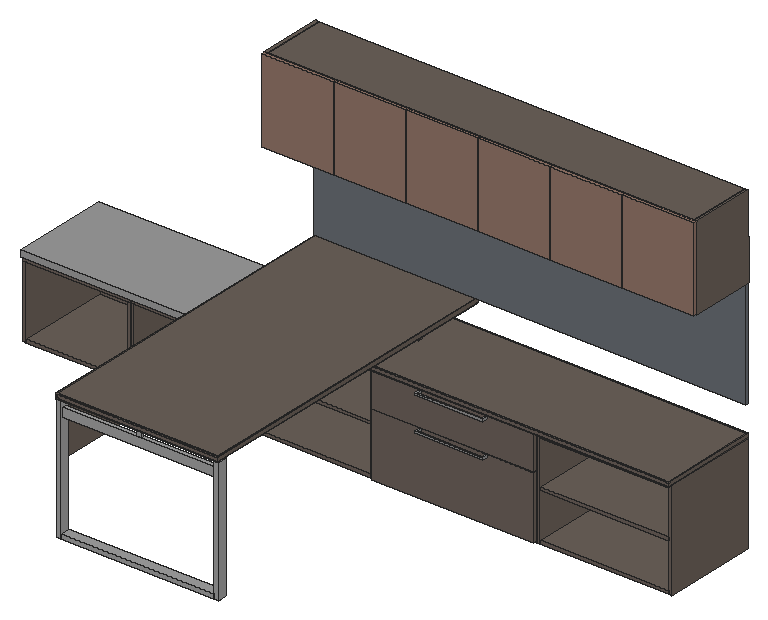
Revit family "T100312", category Furniture, Revit 2015
Parameters (values of type "T100312")
  URL = "https://ofs.com/"
  Manufacturer = "OFS"
  Description = "OFS TYPICAL T100312"
  Copyright © = "©OFS 2021"
  Catalog = "https://ofs.com/2020-experience"
  Authoring Version = "Autodesk Revit Architecture 2015"
  Assembly Code = "E2020400"
Reference planes (in)
  plane 1 "Center Front/Back": y = 0
  plane 2: z = 0
  plane 3 "Center Left/Right": x = 0
Dimensions and locks (in)
  aligned and locked: level to plane 2
Nested families (in)
  nested 1: "OFS ELEMENT OPEN L DESK LEFT AND RIGHT 84in Width 60in Return" at (102, 18.84375, 84), type "ELEMENT OPEN L DESK LEFT RETURN 84in Width 60in Return"
    with Right Desk Ovelay no, Left Desk Overlay no, Desk Overlay Option yes
  nested 2: "STAKS TACKBOARD ONE-PIECE Fabric" at (-37.2202, -153.71975, 0.25), type "STAKS ONE-PIECE TACKBOARD Fabric 96in"
  nested 3: "STAKS MODESTY PANEL - Veneer & Wood Grain & Frosted" at (-83.53235, -196.84501, 0.375) x (0, 1, 0) z (0, 0, 1), type "STAKS MODESTY PANEL WOOD VENEER 47.9375-30"
  nested 4: "STAKS RISER SUPPORT PANELS P & T SHAPED" at (-55.78305, -175.71976, 0.5) x (0, -1, 0) z (0, 0, 1), type "STAKS RISER SUPPORT PANEL T SHAPE 26 X 9.5"
  nested 5: "STAKS LOW HEIGHT PEDESTAL WIDE - BOX-FILE - NO RISER SUPPORT" at (-58.19732, -173.47011, 0), type "STAKS LOW HEIGHT PEDESTAL WIDE - BOX-FILE - NO RISER SUPPORT 36in W x 22in D"
  nested 6: "STAKS LOW HEIGHT OPEN SHELF PEDESTAL - NO RISER SUPPORT" at (-25.19732, -173.47011, 0), type "STAKS LOW HEIGHT OPEN SHELF PEDESTAL - NO RISER SUPPORT 30 x 22"
  nested 7: "STAKS LOW HEIGHT OPEN SHELF PEDESTAL - NO RISER SUPPORT" at (-91.19732, -173.47011, 0), type "STAKS LOW HEIGHT OPEN SHELF PEDESTAL - NO RISER SUPPORT 30 x 22"
  nested 8: "STAKS SINGLE BENCH HEIGHT PEDESTAL - NO RISER SUPPORT" at (-118.19732, -173.47011, 0), type "STAKS SINGLE BENCH HEIGHT PEDESTAL - NO RISER SUPPORT 24"
  nested 9: "STAKS SINGLE BENCH HEIGHT PEDESTAL - NO RISER SUPPORT" at (-142.19732, -173.47011, 0), type "STAKS SINGLE BENCH HEIGHT PEDESTAL - NO RISER SUPPORT 24"
  nested 10: "STAKS RECTANGULAR WORKSURFACES Long Grain" at (-92.71268, -151.63611, -5.875), type "STAKS RECTANGULAR WORKSURFACE 96 x 22"
    with Height Above Floor 29"
  nested 11: "STAKS BENCHING RECTANGULAR WORKSURFACES" at (-86.99136, -233.02474, 0) x (0, 1, 0) z (0, 0, 1), type "STAKS BENCHING RECTANGULAR WORKSURFACE 72 X 36"
  nested 12: "STAKS WALLMOUNT ORGANIZER WITH DOORS Six Doors" at (-64.21268, -152.38611, 0), type "STAKS WALLMOUNT ORGANIZER WITH DOORS Six Doors 96in W"
    with Height Above Floor 71 1/2", 2D Symbol Lines yes
  nested 13: "STAKS LOW OR BENCH HEIGHT CUSHIONS" at (-130.13482, -173.47011, -3.25), type "STAKS LOW OR BENCH HEIGHT CUSHION - DOUBLE 48"
  nested 14: "STAKS SUPPORT O LEG" at (-69.78235, -207.84476, 0) x (0, 1, 0) z (0, 0, 1), type "STAKS SUPPORT O LEG 36"
Definition of nested family "STAKS TACKBOARD ONE-PIECE Fabric"
  Parameters (values of type "STAKS ONE-PIECE TACKBOARD Fabric 30in")
    Width = 30"
    URL = "http://www.ofs.com/"
    Height from Floor = 28 5/8"
    Height = 24 1/4"
    Model = "FT2205"
    Manufacturer = "OFS"
    Description = "OFS STAKS ONE-PIECE TACKBOARD Fabric 30\", Use with 30\"W Wallmount Organizers"
    Depth = 1/2"
    Copyright © = "© 2018 OFS"
    Catalog = "https://ofs.com/products/casegoods/private-office/staks"
    Authoring Version = "Autodesk Revit Architecture 2013"
    Assembly Code = "E2020200"
    Surface Material = none
  Types (14): name | Width | Model | Description
    (no name) | 30" | "FT2205" | "OFS STAKS ONE-PIECE TACKBOARD Fabric 30\", Use with 30\"W Wallmount Organizers"
    STAKS ONE-PIECE TACKBOARD Fabric 30in | 30" | "FT2205" | "OFS STAKS ONE-PIECE TACKBOARD Fabric 30\", Use with 30\"W Wallmount Organizers"
    STAKS ONE-PIECE TACKBOARD Fabric 36in | 36" | "FT2204" | "OFS STAKS ONE-PIECE TACKBOARD Fabric 36\", Use with 36\"W Wallmount Organizers"
    STAKS ONE-PIECE TACKBOARD Fabric 42in | 42" | "FT2203" | "OFS STAKS ONE-PIECE TACKBOARD Fabric 42\", Use with 42\"W Wallmount Organizers"
    STAKS ONE-PIECE TACKBOARD Fabric 48in | 48" | "FT2202" | "OFS STAKS ONE-PIECE TACKBOARD Fabric 48\", Use with 48\"W Wallmount Organizers"
    STAKS ONE-PIECE TACKBOARD Fabric 54in | 54" | "FT2201" | "OFS STAKS ONE-PIECE TACKBOARD Fabric 54\", Use with 54\"W Wallmount Organizers"
    STAKS ONE-PIECE TACKBOARD Fabric 60in | 60" | "FT2200" | "OFS STAKS ONE-PIECE TACKBOARD Fabric 60\", Use with 60\"W Wallmount Organizers"
    STAKS ONE-PIECE TACKBOARD Fabric 66in | 66" | "FT2199" | "OFS STAKS ONE-PIECE TACKBOARD Fabric 66\", Use with 66\"W Wallmount Organizers"
    STAKS ONE-PIECE TACKBOARD Fabric 72in | 72" | "FT2198" | "OFS STAKS ONE-PIECE TACKBOARD Fabric 72\", Use with 72\"W Wallmount Organizers"
    STAKS ONE-PIECE TACKBOARD Fabric 78in | 78" | "FT2197" | "OFS STAKS ONE-PIECE TACKBOARD Fabric 78\", Use with 78\"W Wallmount Organizers"
    STAKS ONE-PIECE TACKBOARD Fabric 84in | 84" | "FT2196" | "OFS STAKS ONE-PIECE TACKBOARD Fabric 84\", Use with 84\"W Wallmount Organizers"
    STAKS ONE-PIECE TACKBOARD Fabric 90in | 90" | "FT2195" | "OFS STAKS ONE-PIECE TACKBOARD Fabric 90\", Use with 90\"W Wallmount Organizers"
    STAKS ONE-PIECE TACKBOARD Fabric 94in | 94" | "FT2194" | "OFS STAKS ONE-PIECE TACKBOARD Fabric 94\", Use with 94\"W Wallmount Organizers"
    STAKS ONE-PIECE TACKBOARD Fabric 96in | 96" | "FT2193" | "OFS STAKS ONE-PIECE TACKBOARD Fabric 96\", Use with 96\"W Wallmount Organizers"
  Reference planes (in)
    plane 1 "Center (Front/Back)": y = 0
    plane 2: z = 0
    plane 3 "Center (Left/Right)": x = 0
    plane 4: x = 15
    plane 5: x = -15
    plane 6: y = 0.25
    plane 7: y = -0.25
    plane 8: z = 28.625
    plane 9: z = 52.875
  Forms (in)
    Extrusion 1, solid, material <- "Surface Material"
      sketch origin (3.56329, 81.33771, 7) x (-1, 0, 0) y (0, -1, 0)
        loop
          line (18.56329, 81.08771) -> (18.56329, 81.58771) -> (-11.43671, 81.58771) -> (-11.43671, 81.08771) -> (18.56329, 81.08771)
      from 45.875 to 21.625
  Lines and regions (in)
    model lines
      curve 1: line (-15, 0.25, 0) -> (15, 0.25, 0)
      curve 2: line (-15, -0.25, 0) -> (-15, 0.25, 0)
      curve 3: line (15, -0.25, 0) -> (-15, -0.25, 0)
      curve 4: line (15, 0.25, 0) -> (15, -0.25, 0)
  Dimensions and locks (in)
    equal spacing: plane 5, plane 3 "Center (Left/Right)", plane 4
    "Width": plane 5 to plane 4
    "Depth": plane 6 to plane 7
    equal spacing: plane 7, plane 1 "Center (Front/Back)", plane 6
    "Height": plane 9 to plane 8
    "Height from Floor": plane 8 to level
    aligned and locked: level to plane 2
    aligned and locked: plane 5 to Extrusion 1 sketch curve
    aligned and locked: Extrusion 1 sketch curve to plane 7
    aligned and locked: Extrusion 1 sketch curve to plane 6
    aligned and locked: Extrusion 1 sketch curve to plane 4
    aligned and locked: plane 9 to Extrusion 1
    aligned and locked: Extrusion 1 to plane 8
  Automatic sketch dimensions
    curve 3 to plane 5 = 0"
    curve 3 to plane 4 = 0"
    curve 3 to plane 7 = 0"
    curve 2 to plane 6 = 0"
Definition of nested family "STAKS MODESTY PANEL - Veneer & Wood Grain & Frosted"
  Parameters (values of type "STAKS MODESTY PANEL FROSTED ACRYLIC 29.938-12")
    URL = "http://www.ofs.com"
    Thickness = 1/4"
    Width = 29 15/16"
    Model = "6-AMPA"
    Manufacturer = "OFS"
    WDVNR/PNT = no
    WDGRN/TFL = no
    FROSTED = yes
    Description = "OFS STAKS MODESTY PANEL FROSTED ACRYLIC 29.9375-12 X .75, For Desks or Worksurface Height Tops"
    Copyright © = "©OFS 2018"
    Catalog = "https://ofs.com/products/casegoods/private-office/staks"
    BRKT L/R = no
    BRKT CNTR = no
    Authoring Version = "Autodesk Revit Architecture 2013"
    Assembly Code = "E2020200"
  Types (12): name | Thickness | Width | Model | WDVNR/PNT | WDGRN/TFL | FROSTED | Description | BRKT L/R | BRKT CNTR
    STAKS MODESTY PANEL WOOD VENEER 29.938-12 | 3/4" | 29.938" | "6-WMPA" | yes | no | no | "OFS STAKS MODESTY PANEL WOOD VENEER 29.9375-12 X .75, For Desks or Worksurface Height Tops" | yes | no
    STAKS MODESTY PANEL WOOD VENEER 47.9375-30 | 3/4" | 47 15/16" | "6-WMPB" | yes | no | no | "OFS STAKS MODESTY PANEL WOOD VENEER 47.9375-30 X .75, For Desks or Worksurface Height Tops" | yes | no
    STAKS MODESTY PANEL WOOD VENEER 65.9375-48 | 3/4" | 65 15/16" | "6-WMPC" | yes | no | no | "OFS STAKS MODESTY PANEL WOOD VENEER 65.9375-48 X .75, For Desks or Worksurface Height Tops" | yes | no
    STAKS MODESTY PANEL WOOD VENEER 84-66 | 3/4" | 84" | "6-WMPD" | yes | no | no | "OFS STAKS MODESTY PANEL WOOD VENEER 84-66 X .75, For Desks or Worksurface Height Tops" | yes | yes
    STAKS MODESTY PANEL TFL WOOD GRAIN AND TFL SOLID COLORS 29.938-12 | 3/4" | 29 15/16" | "6-KMPA" | no | yes | no | "OFS STAKS MODESTY PANEL TFL WOOD GRAIN AND TFL SOLID COLORS 29.9375-12 X .75, For Desks or Worksurface Height Tops" | yes | no
    STAKS MODESTY PANEL TFL WOOD GRAIN AND TFL SOLID COLORS 47.9375-30 | 3/4" | 47 15/16" | "6-KMPB" | no | yes | no | "OFS STAKS MODESTY PANEL TFL WOOD GRAIN AND TFL SOLID COLORS 47.9375-30 X .75, For Desks or Worksurface Height Tops" | yes | no
    STAKS MODESTY PANEL TFL WOOD GRAIN AND TFL SOLID COLORS 65.9375-48 | 3/4" | 65 15/16" | "6-KMPC" | no | yes | no | "OFS STAKS MODESTY PANEL TFL WOOD GRAIN AND TFL SOLID COLORS 65.9375-48 X .75, For Desks or Worksurface Height Tops" | yes | no
    STAKS MODESTY PANEL TFL WOOD GRAIN AND TFL SOLID COLORS 84-66 | 3/4" | 84" | "6-KMPD" | no | yes | no | "OFS STAKS MODESTY PANEL TFL WOOD GRAIN AND TFL SOLID COLORS 84-66 X .75, For Desks or Worksurface Height Tops" | yes | yes
    STAKS MODESTY PANEL FROSTED ACRYLIC 29.938-12 | 1/4" | 29 15/16" | "6-AMPA" | no | no | yes | "OFS STAKS MODESTY PANEL FROSTED ACRYLIC 29.9375-12 X .75, For Desks or Worksurface Height Tops" | no | no
    STAKS MODESTY PANEL FROSTED ACRYLIC 47.938-30 | 1/4" | 47 15/16" | "6-AMPB" | no | no | yes | "OFS STAKS MODESTY PANEL FROSTED ACRYLIC 47.9375-30 X .75, For Desks or Worksurface Height Tops" | no | no
    STAKS MODESTY PANEL FROSTED ACRYLIC 65.938-48 | 1/4" | 65 15/16" | "6-AMPC" | no | no | yes | "OFS STAKS MODESTY PANEL FROSTED ACRYLIC 65.9375-48 X .75, For Desks or Worksurface Height Tops" | no | no
    STAKS MODESTY PANEL FROSTED ACRYLIC 84-66 | 1/4" | 84" | "6-AMPD" | no | no | yes | "OFS STAKS MODESTY PANEL FROSTED ACRYLIC 84-66 X .75, For Desks or Worksurface Height Tops" | no | no
  Reference planes (in)
    plane 1: z = 0
    plane 2 "Back": y = 1.62535
    plane 3 "MOUNTING LEVEL": z = 27.375
    plane 4 "RIGHT": x = -2.531
    plane 5: x = 12.43775
    plane 6: x = -17.49975
    plane 7: y = 1.37535
    plane 8: z = 26.875
    plane 9: z = 15.125
    plane 10: x = -14.12475
    plane 11: x = 9.06275
  Forms (in)
    Extrusion 1, solid, visible <- "WDVNR/PNT"
      sketch origin (-21.5, 2.25, 14.94485) x (0, 1, 0) y (0, 0, 1)
        loop
          line (-0.87465, 11.93015) -> (-0.87465, 0.18015) -> (-0.62465, 0.18015) -> (-0.62465, 11.93015) -> (-0.87465, 11.93015)
      from 4.00025 to 33.93775
    Extrusion 2, solid, visible <- "WDGRN/TFL"
      sketch origin (-21.65252, 0.50666, 14.94485) x (0, 1, 0) y (0, 0, 1)
        loop
          line (0.86869, 11.93015) -> (0.86869, 0.18015) -> (1.11869, 0.18015) -> (1.11869, 11.93015) -> (0.86869, 11.93015)
      from 4.15277 to 34.09027
    Extrusion 3, solid, not visible
      sketch origin (-21.65252, -2.24334, 14.94485) x (0, 1, 0) y (0, 0, 1)
        loop
          line (3.61869, 11.93015) -> (3.61869, 0.18015) -> (3.86869, 0.18015) -> (3.86869, 11.93015) -> (3.61869, 11.93015)
      from 4.15277 to 34.09027
    Extrusion 4, solid, visible <- "FROSTED"
      sketch origin (-21.65252, -5.24334, 14.94485) x (0, 1, 0) y (0, 0, 1)
        loop
          line (6.61869, 11.93015) -> (6.61869, 0.18015) -> (6.86869, 0.18015) -> (6.86869, 11.93015) -> (6.61869, 11.93015)
      from 4.15277 to 34.09027
  Lines and regions (in)
    Masking region 1, visible <- "WDVNR/PNT"
      outline origin (0, 0, 27.375) x (-1, 0, 0) y (0, -1, 0)
        loop
          line (17.49975, -1.62535) -> (17.49975, -1.37535) -> (-12.43775, -1.37535) -> (-12.43775, -1.62535) -> (17.49975, -1.62535)
    Masking region 2, visible <- "WDGRN/TFL"
      outline origin (-0.15252, -1.74334, 27.375) x (-1, 0, 0) y (0, -1, 0)
        loop
          line (17.34723, -3.36869) -> (17.34723, -3.11869) -> (-12.59027, -3.11869) -> (-12.59027, -3.36869) -> (17.34723, -3.36869)
    Masking region 3, not visible
      outline origin (-0.15252, -4.49334, 27.375) x (-1, 0, 0) y (0, -1, 0)
        loop
          line (17.34723, -6.11869) -> (17.34723, -5.86869) -> (-12.59027, -5.86869) -> (-12.59027, -6.11869) -> (17.34723, -6.11869)
    Masking region 4, visible <- "FROSTED"
      outline origin (-0.15252, -43.24334, 27.375) x (-1, 0, 0) y (0, -1, 0)
        loop
          line (17.34723, -44.86869) -> (17.34723, -44.61869) -> (-12.59027, -44.61869) -> (-12.59027, -44.86869) -> (17.34723, -44.86869)
    Masking region 5, visible <- "BRKT L/R"
      outline origin (0, 0, 27.375) x (-1, 0, 0) y (0, -1, 0)
        loop
          line (11.37475, -1.37535) -> (14.12475, -1.37535) -> (14.12475, -0.12535)
          arc (14.12475, -0.12535) -> (14.05153, 0.05143) -> (13.87475, 0.12465) r 0.25
          line (13.87475, 0.12465) -> (11.62475, 0.12465)
          arc (11.62475, 0.12465) -> (11.44797, 0.05143) -> (11.37475, -0.12535) r 0.25
          line (11.37475, -0.12535) -> (11.37475, -1.37535)
    Masking region 6, visible <- "BRKT CNTR"
      outline origin (11, 0, 27.375) x (-1, 0, 0) y (0, -1, 0)
        loop
          line (12.156, -1.37535) -> (14.906, -1.37535) -> (14.906, -0.12535)
          arc (14.906, -0.12535) -> (14.83278, 0.05143) -> (14.656, 0.12465) r 0.25
          line (14.656, 0.12465) -> (12.406, 0.12465)
          arc (12.406, 0.12465) -> (12.22922, 0.05143) -> (12.156, -0.12535) r 0.25
          line (12.156, -0.12535) -> (12.156, -1.37535)
    Masking region 7, visible <- "BRKT L/R"
      outline origin (23.25, 0, 27.375) x (-1, 0, 0) y (0, -1, 0)
        loop
          line (14.18725, -1.37535) -> (16.93725, -1.37535) -> (16.93725, -0.12535)
          arc (16.93725, -0.12535) -> (16.86403, 0.05143) -> (16.68725, 0.12465) r 0.25
          line (16.68725, 0.12465) -> (14.43725, 0.12465)
          arc (14.43725, 0.12465) -> (14.26047, 0.05143) -> (14.18725, -0.12535) r 0.25
          line (14.18725, -0.12535) -> (14.18725, -1.37535)
  Dimensions and locks (in)
    locked: plane 3 "MOUNTING LEVEL" to plane 1 at 27.375
    equal spacing: plane 6, plane 4 "RIGHT", plane 5
    "Width": plane 6 to plane 5
    "Thickness": plane 7 to plane 2 "Back"
    locked: plane 3 "MOUNTING LEVEL" to plane 8 at 0.5
    locked: plane 8 to plane 9 at 11.75
    locked: plane 6 to plane 10 at 3.375
    locked: plane 11 to plane 5 at 3.375
    aligned and locked: level to plane 1
    aligned and locked: Extrusion 1 to plane 6
    aligned and locked: Extrusion 1 to plane 2 "Back"
    aligned and locked: plane 7 to Extrusion 1
    aligned and locked: plane 5 to Extrusion 1
    aligned and locked: Extrusion 2 to plane 6
    aligned and locked: Masking region 2 to plane 6
    aligned and locked: plane 5 to Extrusion 2
    aligned and locked: plane 5 to Masking region 2
    aligned and locked: plane 5 to Extrusion 3
    aligned and locked: plane 5 to Masking region 3
    aligned and locked: Extrusion 3 to plane 6
    aligned and locked: Masking region 3 to plane 6
    aligned and locked: Extrusion 4 to plane 6
    aligned and locked: Masking region 4 to plane 6
    aligned and locked: plane 5 to Extrusion 4
    aligned and locked: plane 5 to Masking region 4
    aligned and locked: Extrusion 2 to plane 2 "Back"
    aligned and locked: Masking region 2 to plane 2 "Back"
    aligned and locked: plane 7 to Extrusion 2
    aligned and locked: plane 7 to Masking region 2
    aligned and locked: Extrusion 3 to plane 2 "Back"
    aligned and locked: Masking region 3 to plane 2 "Back"
    aligned and locked: plane 7 to Extrusion 3
    aligned and locked: plane 7 to Masking region 3
    aligned and locked: Extrusion 4 to plane 2 "Back"
    aligned and locked: Masking region 4 to plane 2 "Back"
    aligned and locked: plane 7 to Extrusion 4
    aligned and locked: plane 7 to Masking region 4
    aligned: plane 8 to Extrusion 4
    aligned: plane 8 to Extrusion 3
    aligned: plane 8 to Extrusion 2
    aligned and locked: plane 8 to Extrusion 1
    aligned and locked: Extrusion 4 to plane 9
    aligned and locked: Extrusion 3 to plane 9
    aligned and locked: Extrusion 2 to plane 9
    aligned and locked: Extrusion 1 to plane 9
    aligned and locked: plane 8 to Extrusion 4
    aligned and locked: plane 8 to Extrusion 3
    aligned and locked: plane 8 to Extrusion 2
    aligned and locked: plane 3 "MOUNTING LEVEL" to nested 1
    aligned and locked: plane 7 to nested 1
    aligned and locked: plane 3 "MOUNTING LEVEL" to nested 2
    aligned and locked: plane 3 "MOUNTING LEVEL" to nested 3
    aligned and locked: nested 2 to plane 10
    aligned and locked: nested 3 to plane 11
    aligned and locked: plane 7 to nested 2
    aligned and locked: plane 7 to nested 3
    aligned and locked: Masking region 6 to nested 1  (x2)
    aligned and locked: Masking region 7 to plane 11
    aligned and locked: Masking region 7 to nested 3
  Automatic sketch dimensions
    Extrusion 1 sketch curve to plane 7 = 0"
    Extrusion 1 sketch curve to plane 2 "Back" = 0"
    Extrusion 1 sketch curve to plane 9 = 0"
    Extrusion 1 sketch curve to plane 8 = 0"
    plane 2 "Back" to Masking region 1 sketch curve = 0"
    Masking region 1 sketch curve to plane 5 = 0"
    Masking region 1 sketch curve to plane 6 = 0"
    plane 7 to Masking region 1 sketch curve = 0"
    Extrusion 2 sketch curve to plane 7 = 0"
    Extrusion 2 sketch curve to plane 2 "Back" = 0"
    Extrusion 2 sketch curve to plane 9 = 0"
    Extrusion 2 sketch curve to plane 8 = 0"
    plane 2 "Back" to Masking region 2 sketch curve = 0"
    Masking region 2 sketch curve to plane 5 = 0"
    Masking region 2 sketch curve to plane 6 = 0"
    plane 7 to Masking region 2 sketch curve = 0"
    Extrusion 3 sketch curve to plane 7 = 0"
    Extrusion 3 sketch curve to plane 2 "Back" = 0"
    Extrusion 3 sketch curve to plane 9 = 0"
    Extrusion 3 sketch curve to plane 8 = 0"
    plane 2 "Back" to Masking region 3 sketch curve = 0"
    Masking region 3 sketch curve to plane 5 = 0"
    Masking region 3 sketch curve to plane 6 = 0"
    plane 7 to Masking region 3 sketch curve = 0"
    Extrusion 4 sketch curve to plane 7 = 0"
    Extrusion 4 sketch curve to plane 2 "Back" = 0"
    Extrusion 4 sketch curve to plane 9 = 0"
    Extrusion 4 sketch curve to plane 8 = 0"
    plane 2 "Back" to Masking region 4 sketch curve = 0"
    Masking region 4 sketch curve to plane 5 = 0"
    Masking region 4 sketch curve to plane 6 = 0"
    plane 7 to Masking region 4 sketch curve = 0"
    plane 7 to Masking region 5 sketch curve = 0"
    Masking region 5 sketch curve to plane 10 = 0"
    plane 10 to Masking region 5 sketch curve = 1/4"
    Masking region 5 sketch curve to Masking region 5 sketch curve = 2 1/4"
    Masking region 5 sketch curve to Masking region 5 sketch curve = 1/4"
    plane 7 to Masking region 5 sketch curve = 1 1/4"
    plane 7 to Masking region 6 sketch curve = 0"
    plane 4 "RIGHT" to Masking region 6 sketch curve = 1 3/8"
    Masking region 6 sketch curve to Masking region 6 sketch curve = 1/4"  (x2)
    Masking region 6 sketch curve to plane 4 "RIGHT" = 1 1/8"
    Masking region 6 sketch curve to Masking region 6 sketch curve = 1 1/4"
    plane 7 to Masking region 7 sketch curve = 0"
    plane 11 to Masking region 7 sketch curve = 0"
    Masking region 7 sketch curve to Masking region 7 sketch curve = 1/4"  (x2)
    Masking region 7 sketch curve to Masking region 7 sketch curve = 2 1/4"
    Masking region 7 sketch curve to Masking region 7 sketch curve = 1 1/4"
  Nested families (in)
    nested 1: "MP BRKT" at (-2.531, 1.37535, 25.375), visible <- "BRKT CNTR", type "6-MPB-1"
    nested 2: "MP BRKT" at (-12.74975, 1.37535, 25.375), visible <- "BRKT L/R", type "6-MPB-1"
    nested 3: "MP BRKT" at (7.68775, 1.37535, 25.375), visible <- "BRKT L/R", type "6-MPB-1"
  Definition of nested family "MP BRKT"
    Reference planes (in)
      plane 1 "Center (Front/Back)": y = 0
      plane 2: z = 0
      plane 3 "Center (Left/Right)": x = 0
    Forms (in)
      Extrusion 1, solid
        sketch origin (-1.375, 0, 0) x (0, 1, 0) y (0, 0, 1)
          loop
            line (0, 0) -> (0, 1.625)
            arc (0, 1.625) -> (-0.10983, 1.89017) -> (-0.375, 2) r 0.375
            line (-0.375, 2) -> (-1.5, 2) -> (-1.5, 1.75) -> (-0.375, 1.75)
            arc (-0.375, 1.75) -> (-0.28661, 1.71339) -> (-0.25, 1.625) r 0.125
            line (-0.25, 1.625) -> (-0.25, 0) -> (0, 0)
        from 0 to 2.75
      Extrusion 2, void
        sketch origin (0, 0, 0) x (1, 0, 0) y (0, 1, 0)
          loop
            line (-1.375, -1.5) -> (-1.125, -1.5)
            arc (-1.125, -1.5) -> (-1.30178, -1.42678) -> (-1.375, -1.25) r 0.25
            line (-1.375, -1.25) -> (-1.375, -1.5)
        from 1.75 to 2
      Extrusion 3, void
        sketch origin (0, 0, 0) x (-1, 0, 0) y (0, -1, 0)
          loop
            line (-1.375, 1.5) -> (-1.375, 1.25)
            arc (-1.375, 1.25) -> (-1.30178, 1.42678) -> (-1.125, 1.5) r 0.25
            line (-1.125, 1.5) -> (-1.375, 1.5)
        from 1.75 to 2
      Extrusion 4, void
        sketch origin (0, -2, 1.5) x (1, 0, 0) y (0, 0, -1)
          loop
            line (-1.375, 1.5) -> (-1.375, 1.25)
            arc (-1.375, 1.25) -> (-1.30178, 1.42678) -> (-1.125, 1.5) r 0.25
            line (-1.125, 1.5) -> (-1.375, 1.5)
        from 1.75 to 2
      Extrusion 5, void
        sketch origin (0, -2, 1.5) x (-1, 0, 0) y (0, 0, 1)
          loop
            line (-1.375, -1.5) -> (-1.125, -1.5)
            arc (-1.125, -1.5) -> (-1.30178, -1.42678) -> (-1.375, -1.25) r 0.25
            line (-1.375, -1.25) -> (-1.375, -1.5)
        from 1.75 to 2
    Cuts and joins
      Extrusion 2, Extrusion 3, Extrusion 4, Extrusion 5 cuts Extrusion 1
    Dimensions and locks (in)
      aligned and locked: Extrusion 1 to Extrusion 2
      aligned and locked: Extrusion 2 to Extrusion 1
Definition of nested family "STAKS RISER SUPPORT PANELS P & T SHAPED"
  Parameters (values of type "STAKS RISER SUPPORT PANEL T SHAPE 26 X 9.5")
    T SHAPE = yes
    RISER DEPTH = 26"
    URL = "http://www.ofs.com/"
    P SHAPE = no
    Model = "6-RSP-26/9.5"
    Manufacturer = "OFS"
    Description = "STAKS RISER SUPPORT PANEL 26 X 9.5 T SHAPE, 4.875\"H Riser Support Panel for 30\"D Top"
    Copyright © = "©OFS 2018"
    Catalog = "https://ofs.com/products/casegoods/private-office/staks"
    Authoring Version = "Autodesk Revit Architecture 2013"
    Assembly Code = "E2020200"
  Types (8): name | T SHAPE | RISER DEPTH | P SHAPE | Model | Description
    STAKS RISER SUPPORT PANEL P SHAPE 10 X 9.5 | no | 10" | yes | "6-TSP-10/9.5" | "STAKS RISER SUPPORT PANEL 10 X 9.5 P SHAPE, 4.875\"H Riser Support Panel for 14\"D Top"
    STAKS RISER SUPPORT PANEL P SHAPE 18 X 9.5 | no | 18" | yes | "6-TSP-18/9.5" | "STAKS RISER SUPPORT PANEL 18 X 9.5 P SHAPE, 4.875\"H Riser Support Panel for 22\"D Top"
    STAKS RISER SUPPORT PANEL P SHAPE 26 X 9.5 | no | 26" | yes | "6-TSP-26/9.5" | "STAKS RISER SUPPORT PANEL 26 X 9.5 P SHAPE, 4.875\"H Riser Support Panel for 30\"D Top"
    STAKS RISER SUPPORT PANEL P SHAPE 32 X 9.5 | no | 32" | yes | "6-TSP-32/9.5" | "STAKS RISER SUPPORT PANEL 32 X 9.5 P SHAPE, 4.875\"H Riser Support Panel for 36\"D Top"
    STAKS RISER SUPPORT PANEL T SHAPE 10 X 9.5 | yes | 10" | no | "6-RSP-10/9.5" | "STAKS RISER SUPPORT PANEL 10 X 9.5 T SHAPE, 4.875\"H Riser Support Panel for 14\"D Top"
    STAKS RISER SUPPORT PANEL T SHAPE 18 X 9.5 | yes | 18" | no | "6-RSP-18/9.5" | "STAKS RISER SUPPORT PANEL 18 X 9.5 T SHAPE, 4.875\"H Riser Support Panel for 22\"D Top"
    STAKS RISER SUPPORT PANEL T SHAPE 26 X 9.5 | yes | 26" | no | "6-RSP-26/9.5" | "STAKS RISER SUPPORT PANEL 26 X 9.5 T SHAPE, 4.875\"H Riser Support Panel for 30\"D Top"
    STAKS RISER SUPPORT PANEL T SHAPE 32 X 9.5 | yes | 32" | no | "6-RSP-32/9.5" | "STAKS RISER SUPPORT PANEL 32 X 9.5 T SHAPE, 4.875\"H Riser Support Panel for 36\"D Top"
  Reference planes (in)
    plane 1: z = 0
    plane 2 "Left": x = -12
    plane 3 "Back": y = 1.62535
    plane 4 "WING Top": z = 27.375
    plane 5: y = -24.37465
    plane 6: y = 0.62535
    plane 7: x = -2.5
    plane 8: x = -3.5
    plane 9: x = -11
    plane 10: y = -7.87465
    plane 11: z = 22.5
    plane 12: y = -6.87465
    plane 13: x = -13
    plane 14: y = -11.37465
    plane 15: x = -21.5
  Forms (in)
    Extrusion 1, solid, visible <- "P SHAPE"
      sketch origin (3.36932, -10.37465, 0.12522) x (1, 0, 0) y (0, 0, 1)
        loop
          line (-5.86932, 27.24978) -> (-6.86932, 27.24978) -> (-6.86932, 22.37478) -> (-5.86932, 22.37478) -> (-5.86932, 27.24978)
      from -11 to -3.5
    Extrusion 2, solid, visible <- "P SHAPE"
      sketch origin (-5.5, 5, -0.18015) x (0, 1, 0) y (0, 0, 1)
        loop
          line (-4.37465, 27.55515) -> (-4.37465, 22.68015) -> (-3.37465, 22.68015) -> (-3.37465, 27.55515) -> (-4.37465, 27.55515)
      from -5.5 to 3
    Extrusion 3, solid, visible <- "P SHAPE"
      sketch origin (7.62465, -10.37465, -0.18015) x (1, 0, 0) y (0, 0, 1)
        loop
          line (-19.62465, 27.55515) -> (-19.62465, 22.68015) -> (-18.62465, 22.68015) -> (-18.62465, 27.55515) -> (-19.62465, 27.55515)
      from -12 to 14
    Extrusion 4, solid, visible <- "P SHAPE"
      sketch origin (-5.5, -2.25, -0.18015) x (0, 1, 0) y (0, 0, 1)
        loop
          line (-5.62465, 27.55515) -> (-5.62465, 22.68015) -> (-4.62465, 22.68015) -> (-4.62465, 27.55515) -> (-5.62465, 27.55515)
      from -5.5 to 3
    Extrusion 5, solid, visible <- "T SHAPE"
      sketch origin (6.62465, -10.37465, -0.18015) x (1, 0, 0) y (0, 0, 1)
        loop
          line (-19.62465, 27.55515) -> (-19.62465, 22.68015) -> (-18.62465, 22.68015) -> (-18.62465, 27.55515) -> (-19.62465, 27.55515)
      from -12 to 14
    Extrusion 6, solid, visible <- "T SHAPE"
      sketch origin (-16, -9.25, -0.18015) x (0, 1, 0) y (0, 0, 1)
        loop
          line (-2.62465, 27.55515) -> (-2.62465, 22.68015) -> (-1.62465, 22.68015) -> (-1.62465, 27.55515) -> (-2.62465, 27.55515)
      from -5.5 to 3
  Lines and regions (in)
    Masking region 1, visible <- "P SHAPE"
      outline origin (-5.5, 0, 0) x (1, 0, 0) y (0, 1, 0)
        loop
          line (-5.5, 1.62535) -> (-5.5, 0.62535) -> (3, 0.62535) -> (3, 1.62535) -> (-5.5, 1.62535)
    Masking region 2, visible <- "P SHAPE"
      outline origin (4.75, 0, 0) x (1, 0, 0) y (0, 1, 0)
        loop
          line (-7.25, 0.62535) -> (-8.25, 0.62535) -> (-8.25, -6.87465) -> (-7.25, -6.87465) -> (-7.25, 0.62535)
    Masking region 3, visible <- "P SHAPE"
      outline origin (-16.37535, -10.37465, 0) x (0, -1, 0) y (1, 0, 0)
        loop
          line (-12, 5.37535) -> (-12, 4.37535) -> (14, 4.37535) -> (14, 5.37535) -> (-12, 5.37535)
    Masking region 4, visible <- "P SHAPE"
      outline origin (-5.5, -7.25, 0) x (1, 0, 0) y (0, 1, 0)
        loop
          line (-5.5, 0.37535) -> (-5.5, -0.62465) -> (3, -0.62465) -> (3, 0.37535) -> (-5.5, 0.37535)
    Masking region 5, visible <- "T SHAPE"
      outline origin (-17.37535, -10.37465, 0) x (0, -1, 0) y (1, 0, 0)
        loop
          line (-12, 5.37535) -> (-12, 4.37535) -> (14, 4.37535) -> (14, 5.37535) -> (-12, 5.37535)
    Masking region 6, visible <- "T SHAPE"
      outline origin (-16, -14.25, 0) x (1, 0, 0) y (0, 1, 0)
        loop
          line (-5.5, 3.37535) -> (-5.5, 2.37535) -> (3, 2.37535) -> (3, 3.37535) -> (-5.5, 3.37535)
  Dimensions and locks (in)
    "RISER DEPTH": plane 5 to plane 3 "Back"
    locked: plane 2 "Left" to plane 9 at 1
    locked: plane 8 to plane 7 at 1
    locked: plane 2 "Left" to plane 7 at 9.5
    locked: plane 4 "WING Top" to plane 11 at 4.875
    locked: plane 10 to plane 3 "Back" at 9.5
    locked: plane 4 "WING Top" to plane 1 at 27.375
    locked: plane 6 to plane 3 "Back" at 1
    locked: plane 10 to plane 12 at 1
    locked: plane 15 to plane 2 "Left" at 9.5
    locked: plane 13 to plane 2 "Left" at 1
    Extrusion 6 to plane 14 to Extrusion 6 = 1/2" locked, 1/2" locked
    equal spacing: plane 5, plane 14, plane 3 "Back"
    aligned: Extrusion 1 to plane 2 "Left"  (x2)
    aligned: Extrusion 1 to plane 1  (x2)
    aligned: level to plane 1
    aligned: Extrusion 1 to plane 4 "WING Top"
    aligned: Extrusion 1 to plane 3 "Back"  (x2)
    aligned: plane 5 to Extrusion 1
    aligned: Extrusion 3 to plane 6
    aligned and locked: plane 5 to Extrusion 3
    aligned: Extrusion 1 to plane 5  (x3)
    aligned and locked: plane 6 to Extrusion 2
    aligned and locked: plane 6 to Masking region 1
    aligned and locked: Masking region 1 to plane 3 "Back"
    aligned and locked: Extrusion 2 to plane 3 "Back"
    aligned: plane 7 to Masking region 1
    aligned: plane 7 to Extrusion 2
    aligned: Extrusion 3 to plane 2 "Left"
    aligned: plane 4 "WING Top" to Extrusion 3
    aligned: plane 4 "WING Top" to Extrusion 1
    aligned: plane 4 "WING Top" to Extrusion 2
    aligned: Masking region 2 to plane 3 "Back"
    aligned: plane 3 "Back" to Extrusion 1
    aligned: plane 10 to Masking region 2
    aligned: plane 10 to Extrusion 1
    aligned and locked: plane 7 to Extrusion 1
    aligned and locked: Extrusion 1 to plane 8
    aligned and locked: plane 7 to Masking region 2
    aligned and locked: Masking region 2 to plane 8
    aligned: plane 8 to Extrusion 2
    aligned: plane 8 to Masking region 1
    aligned and locked: Extrusion 3 to plane 3 "Back"
    aligned and locked: Extrusion 3 to plane 2 "Left"
    aligned: plane 9 to Extrusion 3
    aligned and locked: plane 9 to Masking region 3
    aligned and locked: Masking region 3 to plane 2 "Left"
    aligned and locked: Extrusion 2 to plane 9
    aligned and locked: Masking region 1 to plane 9
    aligned and locked: plane 5 to Masking region 3
    aligned and locked: plane 4 "WING Top" to Extrusion 3  (x2)
    aligned and locked: plane 4 "WING Top" to Extrusion 1
    aligned and locked: plane 4 "WING Top" to Extrusion 2
    aligned and locked: Extrusion 3 to plane 11
    aligned and locked: Extrusion 1 to plane 11
    aligned and locked: Extrusion 2 to plane 11
    aligned and locked: plane 9 to Extrusion 3
    aligned and locked: Extrusion 1 to plane 6
    aligned and locked: Masking region 2 to plane 6
    aligned and locked: plane 7 to Extrusion 2
    aligned and locked: plane 7 to Masking region 1
    aligned and locked: Masking region 4 to plane 12
    aligned and locked: Extrusion 4 to plane 12
    aligned and locked: plane 10 to Extrusion 4
    aligned and locked: plane 10 to Masking region 4
    aligned and locked: plane 12 to Extrusion 1
    aligned and locked: plane 12 to Masking region 2
    aligned and locked: Masking region 6 to Extrusion 6  (x2)
    aligned and locked: Masking region 6 to plane 15
    aligned and locked: Extrusion 6 to plane 15
    aligned and locked: plane 13 to Masking region 6
    aligned and locked: plane 13 to Extrusion 6
    aligned and locked: plane 5 to Extrusion 5
    aligned and locked: Extrusion 5 to plane 3 "Back"
    aligned and locked: plane 3 "Back" to Extrusion 5
  Automatic sketch dimensions
    Extrusion 1 sketch curve to plane 4 "WING Top" = 0"
    Extrusion 1 sketch curve to plane 8 = 0"
    Extrusion 1 sketch curve to plane 7 = 0"
    Extrusion 1 sketch curve to plane 11 = 0"
    Extrusion 2 sketch curve to plane 4 "WING Top" = 0"
    Extrusion 2 sketch curve to plane 6 = 0"
    Extrusion 2 sketch curve to plane 3 "Back" = 0"
    Extrusion 2 sketch curve to plane 11 = 0"
    plane 6 to Masking region 1 sketch curve = 0"
    Masking region 1 sketch curve to plane 9 = 0"
    plane 3 "Back" to Masking region 1 sketch curve = 0"
    Masking region 1 sketch curve to plane 7 = 0"
    Extrusion 3 sketch curve to plane 2 "Left" = 0"
    Extrusion 3 sketch curve to plane 9 = 0"
    Extrusion 3 sketch curve to plane 11 = 0"
    Extrusion 3 sketch curve to plane 4 "WING Top" = 0"
    plane 6 to Masking region 2 sketch curve = 0"
    Masking region 2 sketch curve to plane 8 = 0"
    Masking region 2 sketch curve to plane 7 = 0"
    plane 12 to Masking region 2 sketch curve = 0"
    Masking region 3 sketch curve to plane 2 "Left" = 0"
    plane 3 "Back" to Masking region 3 sketch curve = 0"
    plane 5 to Masking region 3 sketch curve = 0"
    Masking region 3 sketch curve to plane 9 = 0"
    Extrusion 4 sketch curve to plane 4 "WING Top" = 0"
    Extrusion 4 sketch curve to plane 10 = 0"
    Extrusion 4 sketch curve to plane 11 = 0"
    Extrusion 4 sketch curve to plane 12 = 0"
    Masking region 4 sketch curve to plane 9 = 0"
    Masking region 4 sketch curve to plane 7 = 0"
    plane 10 to Masking region 4 sketch curve = 0"
    plane 12 to Masking region 4 sketch curve = 0"
    Extrusion 5 sketch curve to plane 4 "WING Top" = 0"
    Extrusion 5 sketch curve to plane 13 = 0"
    Extrusion 5 sketch curve to plane 2 "Left" = 0"
    Extrusion 5 sketch curve to plane 11 = 0"
    plane 3 "Back" to Masking region 5 sketch curve = 0"
    Masking region 5 sketch curve to plane 2 "Left" = 0"
    plane 5 to Masking region 5 sketch curve = 0"
    Masking region 5 sketch curve to plane 13 = 0"
    Extrusion 6 sketch curve to plane 4 "WING Top" = 0"
    Extrusion 6 sketch curve to plane 11 = 0"
    plane 10 to Extrusion 6 sketch curve = 4"
    Extrusion 6 sketch curve to Extrusion 6 sketch curve = 1"
    Masking region 6 sketch curve to plane 13 = 0"
    Masking region 6 sketch curve to Masking region 6 sketch curve = 8 1/2"
    plane 10 to Masking region 6 sketch curve = 4"
    Masking region 6 sketch curve to Masking region 6 sketch curve = 1"
Definition of nested family "STAKS LOW HEIGHT PEDESTAL WIDE - BOX-FILE - NO RISER SUPPORT"
  Parameters (values of type "STAKS LOW HEIGHT PEDESTAL WIDE - BOX-FILE - NO RISER SUPPORT 24in W x 19in D")
    URL = "http://www.ofs.com/"
    Riser Support = 0"
    Model = "6-NL2419MPD8"
    Manufacturer = "OFS"
    Height = 21 7/8"
    Drawer Material = none
    Drawer Handle Width = 15 1/8"
    Drawer Handle Material = none
    Description = "OFS STAKS LOW HEIGHT PEDESTAL WIDE - BOX-FILE - NO RISER SUPPORT 24\" Width, 19\" Depth, One Box Drawer, One File Drawer, Use with 22\"D Worksurfaces"
    Width = 24"
    Depth = 19 3/8"
    DH2 = 6 1/2"
    DH1 = 14 3/8"
    Copyright © = "© 2018 OFS"
    Chasis Material = none
    Catalog = "https://ofs.com/products/casegoods/private-office/staks"
    Board Thickness = 3/4"
    Authoring Version = "Autodesk Revit Architecture 2013"
    Assembly Code = "E2020200"
  Types (6): name | Model | Description | Width | Depth
    STAKS LOW HEIGHT PEDESTAL WIDE - BOX-FILE - NO RISER SUPPORT 24in W x 19in D | "6-NL2419MPD8" | "OFS STAKS LOW HEIGHT PEDESTAL WIDE - BOX-FILE - NO RISER SUPPORT 24\" Width, 19\" Depth, One Box Drawer, One File Drawer, Use with 22\"D Worksurfaces" | 24" | 19 3/8"
    STAKS LOW HEIGHT PEDESTAL WIDE - BOX-FILE - NO RISER SUPPORT 24in W x 22in D | "6-NL2422MPD8" | "OFS STAKS LOW HEIGHT PEDESTAL WIDE - BOX-FILE - NO RISER SUPPORT 24\" Width, 22\" Depth, One Box Drawer, One File Drawer, Use with 22\"D Worksurfaces" | 24" | 21 7/8"
    STAKS LOW HEIGHT PEDESTAL WIDE - BOX-FILE - NO RISER SUPPORT 30in W x 19in D | "6-NL3019MPD8" | "OFS STAKS LOW HEIGHT PEDESTAL WIDE - BOX-FILE - NO RISER SUPPORT 30\" Width, 19\" Depth, One Box Drawer, One File Drawer, Use with 22\"D Worksurfaces" | 30" | 19 3/8"
    STAKS LOW HEIGHT PEDESTAL WIDE - BOX-FILE - NO RISER SUPPORT 30in W x 22in D | "6-NL3022MPD8" | "OFS STAKS LOW HEIGHT PEDESTAL WIDE - BOX-FILE - NO RISER SUPPORT 30\" Width, 22\" Depth, One Box Drawer, One File Drawer, Use with 22\"D Worksurfaces" | 30" | 21 7/8"
    STAKS LOW HEIGHT PEDESTAL WIDE - BOX-FILE - NO RISER SUPPORT 36in W x 19in D | "6-NL3619MPD8" | "OFS STAKS LOW HEIGHT PEDESTAL WIDE - BOX-FILE - NO RISER SUPPORT 36\" Width, 19\" Depth, One Box Drawer, One File Drawer, Use with 22\"D Worksurfaces" | 36" | 19 3/8"
    STAKS LOW HEIGHT PEDESTAL WIDE - BOX-FILE - NO RISER SUPPORT 36in W x 22in D | "6-NL3622MPD8" | "OFS STAKS LOW HEIGHT PEDESTAL WIDE - BOX-FILE - NO RISER SUPPORT 36\" Width, 22\" Depth, One Box Drawer, One File Drawer, Use with 22\"D Worksurfaces" | 36" | 21 7/8"
  Reference planes (in)
    plane 1: z = 0
    plane 2 "Right": x = 20.97711
    plane 3: z = 21.875
    plane 4: z = 14.375
    plane 5: z = 14.25
    plane 6: z = 0
    plane 7: z = 14
    plane 8: z = 21.625
    plane 9: z = 13.531
    plane 10: z = 21.15625
    plane 11: x = 8.97711
    plane 12: y = 1.37535
    plane 13: y = 0.62535
    plane 14: x = 9.03961
    plane 15: x = 32.91411
    plane 16: x = 9.72711
    plane 17: y = 20.00035
    plane 18: x = 32.97711
    plane 19: x = 32.22711
    plane 20: x = 13.41461
    plane 21: x = 13.78961
    plane 22: x = 28.53961
    plane 23: x = 28.16461
    plane 24: y = -0.18715
    plane 25: y = -0.37465
    plane 26: z = 0.25
    plane 27: y = 19.25035
    plane 28: z = 0.75
    plane 29: y = 16.75035
    plane 30: y = 4.37535
    plane 31: y = 8.37535
    plane 32: y = 12.75035
    plane 33: y = 5.00035
    plane 34: y = 13.37535
    plane 35: z = 22
  Forms (in)
    Extrusion 1, solid, material <- "Drawer Material"
      sketch origin (20.35211, 5, -13.1802) x (0, 1, 0) y (0, 0, 1)
        loop
          line (-4.37465, 27.4302) -> (-4.37465, 13.4302) -> (-3.62465, 13.4302) -> (-3.62465, 27.4302) -> (-4.37465, 27.4302)
      from -11.3125 to 12.562
    Extrusion 2, solid, material <- "Drawer Material"
      sketch origin (20.35211, 2.25, -7.68015) x (0, 1, 0) y (0, 0, 1)
        loop
          line (-1.62465, 29.55515) -> (-1.62465, 22.05515) -> (-0.87465, 22.05515) -> (-0.87465, 29.55515) -> (-1.62465, 29.55515)
      from -11.3125 to 12.562
    Extrusion 3, solid, material <- "Chasis Material"
      sketch origin (-3, -1.24965, 0) x (1, 0, 0) y (0, 0, 1)
        loop
          line (11.97711, 0) -> (12.72711, 0) -> (12.72711, 21.875) -> (11.97711, 21.875) -> (11.97711, 0)
      from -21.25 to -2.625
    Extrusion 4, solid, material <- "Chasis Material"
      sketch origin (19.35211, 31.02324, 0) x (0, 1, 0) y (0, 0, 1)
        loop
          line (-11.77289, 0) -> (-11.02289, 0) -> (-11.02289, 21.875) -> (-11.77289, 21.875) -> (-11.77289, 0)
      from -9.625 to 12.875
    Extrusion 5, solid, material <- "Drawer Handle Material"
      sketch origin (9, 0, 9.60933) x (1, 0, 0) y (0, 1, 0)
        loop
          line (4.41461, 0.62535) -> (4.41461, -0.37465) -> (19.53961, -0.37465) -> (19.53961, 0.62535) -> (19.16461, 0.62535) -> (19.16461, -0.18715) -> (4.78961, -0.18715) -> (4.78961, 0.62535) -> (4.41461, 0.62535)
      from 3.92167 to 4.39067
    Extrusion 6, solid, material <- "Drawer Handle Material"
      sketch origin (9, 0, 20.67137) x (1, 0, 0) y (0, 1, 0)
        loop
          line (4.41461, 0.62535) -> (4.41461, -0.37465) -> (19.53961, -0.37465) -> (19.53961, 0.62535) -> (19.16461, 0.62535) -> (19.16461, -0.18715) -> (4.78961, -0.18715) -> (4.78961, 0.62535) -> (4.41461, 0.62535)
      from 0.48488 to 0.95363
    Extrusion 7, solid, material <- "Chasis Material"
      sketch origin (0, 0, 0) x (1, 0, 0) y (0, 1, 0)
        loop
          line (32.97711, 20.00035) -> (32.22711, 20.00035) -> (32.22711, 1.37535) -> (32.97711, 1.37535) -> (32.97711, 20.00035)
      from 0 to 21.875
    Extrusion 8, solid, material <- "Chasis Material"
      sketch origin (-29.79592, -7.12465, 7.24693) x (1, 0, 0) y (0, 0, 1)
        loop
          line (39.52304, 13.90932) -> (62.02304, 13.90932) -> (62.02304, 14.62807) -> (39.52304, 14.62807) -> (39.52304, 13.90932)
      from -26.375 to -8.5
    Extrusion 9, solid, material <- "Chasis Material"
      sketch origin (-31.5409, -1.62465, -42.72261) x (1, 0, 0) y (0, 0, 1)
        loop
          line (41.26801, 42.72261) -> (63.76801, 42.72261) -> (63.76801, 43.47261) -> (41.26801, 43.47261) -> (41.26801, 42.72261)
      from -20.875 to -3
    Extrusion 10, solid
      sketch origin (0, 0, 0) x (1, 0, 0) y (0, 1, 0)
        loop
          line (32.91411, 20.00035) -> (32.22711, 20.00035) -> (32.22711, 1.37535) -> (32.91411, 1.37535) -> (32.91411, 20.00035)
        loop
          line (9.03961, 20.00035) -> (9.03961, 1.37535) -> (9.72711, 1.37535) -> (9.72711, 20.00035) -> (9.03961, 20.00035)
      from 21.875 to 22
  Dimensions and locks (in)
    "Board Thickness": plane 13 to plane 12
    locked: plane 11 to plane 14 at 0.0625
    "Board Thickness": plane 11 to plane 16
    locked: plane 15 to plane 18 at 0.063
    "Width": plane 11 to plane 18
    Extrusion 7 sketch curve to plane 18 = 3/4"
    "Board Thickness": plane 19 to plane 18
    equal spacing: plane 11, plane 2 "Right", plane 18
    locked: plane 20 to plane 21 at 0.375
    locked: plane 23 to plane 22 at 0.375
    equal spacing: plane 20, plane 2 "Right", plane 22
    "Drawer Handle Width": plane 20 to plane 22
    plane 25 to plane 24 to plane 13 = 3/16" locked, 13/16" locked
    "Riser Support": plane 6 to level
    "Height": plane 3 to plane 6
    "DH1": plane 4 to plane 6
    locked: plane 26 to plane 6 at 0.25
    "Board Thickness": plane 27 to plane 17
    "Depth": plane 13 to plane 17
    plane 4 to plane 5 to plane 7 to plane 9 = 1/8" locked, 1/4" locked, 0.469" locked
    plane 3 to plane 8 to plane 10 = 1/4" locked, 15/32" locked
    "Board Thickness": plane 28 to plane 6
    plane 12 to plane 30 to plane 31 = 3" locked, 4" locked
    plane 32 to plane 29 to plane 27 = 4" locked, 2 1/2" locked
    locked: plane 30 to plane 33 at 0.625
    locked: plane 32 to plane 34 at 0.625
    locked: plane 35 to plane 3 at 0.125
    aligned and locked: level to plane 1
    aligned and locked: Extrusion 1 to plane 14
    aligned and locked: plane 15 to Extrusion 1
    aligned and locked: Extrusion 2 to plane 12
    aligned and locked: plane 13 to Extrusion 2
    aligned and locked: plane 15 to Extrusion 2
    aligned and locked: Extrusion 2 to plane 14
    aligned and locked: plane 12 to Extrusion 3
    aligned and locked: Extrusion 3 to plane 17
    aligned and locked: Extrusion 4 to plane 16
    aligned and locked: plane 16 to Extrusion 3
    aligned and locked: Extrusion 3 to plane 11
    aligned and locked: Extrusion 4 to plane 17
    aligned and locked: Extrusion 1 sketch curve to plane 12
    aligned and locked: plane 13 to Extrusion 1 sketch curve
    aligned and locked: plane 19 to Extrusion 4
    aligned and locked: plane 3 to Extrusion 3
    aligned and locked: Extrusion 6 to plane 22
    aligned and locked: Extrusion 5 to plane 22
    aligned and locked: plane 23 to Extrusion 6
    aligned and locked: plane 23 to Extrusion 5
    aligned and locked: plane 21 to Extrusion 6
    aligned and locked: plane 21 to Extrusion 5
    aligned and locked: Extrusion 6 to plane 20
    aligned and locked: Extrusion 5 to plane 20
    aligned and locked: plane 24 to Extrusion 6
    aligned and locked: plane 7 to Extrusion 5
    aligned and locked: Extrusion 5 to plane 9
    aligned and locked: plane 3 to Extrusion 4
    aligned and locked: Extrusion 1 to plane 26
    aligned and locked: Extrusion 7 to plane 19
    aligned and locked: plane 3 to Extrusion 7
    aligned and locked: Extrusion 7 to plane 6
    aligned and locked: plane 3 to Extrusion 8
    aligned and locked: Extrusion 8 to plane 10
    aligned and locked: plane 28 to Extrusion 9
    aligned and locked: Extrusion 9 to plane 6
    aligned and locked: Extrusion 9 to plane 27
    aligned and locked: plane 12 to Extrusion 9
    aligned and locked: plane 19 to Extrusion 9
    aligned and locked: Extrusion 9 to plane 16
    aligned and locked: Extrusion 10 to plane 3
    aligned and locked: plane 35 to Extrusion 10
    aligned and locked: plane 3 to Extrusion 2
    aligned and locked: plane 8 to Extrusion 6
    aligned and locked: Extrusion 6 to plane 10
    aligned and locked: Extrusion 8 to plane 27
    aligned and locked: plane 12 to Extrusion 8
  Automatic sketch dimensions
    Extrusion 1 sketch curve to plane 26 = 0"
    Extrusion 1 sketch curve to plane 5 = 0"
    Extrusion 2 sketch curve to plane 13 = 0"
    Extrusion 2 sketch curve to plane 4 = 0"
    Extrusion 2 sketch curve to plane 12 = 0"
    Extrusion 3 sketch curve to plane 6 = 0"
    Extrusion 3 sketch curve to plane 11 = 0"
    Extrusion 3 sketch curve to plane 3 = 0"
    Extrusion 3 sketch curve to plane 16 = 0"
    Extrusion 4 sketch curve to plane 6 = 0"
    Extrusion 4 sketch curve to plane 3 = 0"
    Extrusion 4 sketch curve to plane 17 = 0"
    plane 27 to Extrusion 4 sketch curve = 0"
    plane 13 to Extrusion 5 sketch curve = 0"  (x2)
    Extrusion 5 sketch curve to plane 20 = 0"
    Extrusion 5 sketch curve to plane 21 = 0"
    Extrusion 5 sketch curve to plane 23 = 0"
    Extrusion 5 sketch curve to plane 22 = 0"
    plane 25 to Extrusion 5 sketch curve = 0"
    plane 24 to Extrusion 5 sketch curve = 0"
    plane 13 to Extrusion 6 sketch curve = 0"  (x2)
    Extrusion 6 sketch curve to plane 20 = 0"
    Extrusion 6 sketch curve to plane 21 = 0"
    Extrusion 6 sketch curve to plane 23 = 0"
    Extrusion 6 sketch curve to plane 22 = 0"
    plane 25 to Extrusion 6 sketch curve = 0"
    plane 24 to Extrusion 6 sketch curve = 0"
    plane 12 to Extrusion 7 sketch curve = 0"
    Extrusion 7 sketch curve to plane 18 = 0"
    plane 17 to Extrusion 7 sketch curve = 0"
    Extrusion 8 sketch curve to plane 10 = 0"
    Extrusion 8 sketch curve to plane 16 = 0"
    Extrusion 8 sketch curve to plane 3 = 0"
    Extrusion 8 sketch curve to plane 19 = 0"
    plane 14 to Extrusion 9 sketch curve = 11/16"
    Extrusion 9 sketch curve to plane 6 = 0"
    plane 6 to Extrusion 9 sketch curve = 3/4"
    Extrusion 9 sketch curve to plane 19 = 0"
    Extrusion 10 sketch curve to plane 14 = 0"
    Extrusion 10 sketch curve to plane 15 = 0"
    Extrusion 10 sketch curve to plane 13 = 3/4"  (x2)
    Extrusion 10 sketch curve to plane 19 = 0"
    plane 17 to Extrusion 10 sketch curve = 0"  (x2)
    plane 4 to Extrusion 2 sketch curve = 7 1/2"
    Extrusion 10 sketch curve to plane 16 = 0"
Definition of nested family "STAKS LOW HEIGHT OPEN SHELF PEDESTAL - NO RISER SUPPORT"
  Parameters (values of type "STAKS LOW HEIGHT OPEN SHELF PEDESTAL - NO RISER SUPPORT 24 x 19")
    URL = "http://www.ofs.com/"
    Riser Support = 0"
    Model = "6-NL2419MPD6"
    Manufacturer = "OFS"
    Height = 21 7/8"
    Drawer Material = none
    Drawer Handle Width = 5.2495"
    Drawer Handle Material = none
    Description = "OFS STAKS LOW HEIGHT OPEN SHELF PEDESTAL - NO RISER SUPPORT 24\"W x 19\" D, One Adjustable Shelf, One Stationary Shelf, Use with 22\"D Worksurfaces"
    Width = 24"
    Depth = 19 3/8"
    DH2 = 6 1/2"
    DH1 = 11 1/2"
    Copyright © = "© 2018 OFS"
    Chasis Material = none
    Catalog = "https://ofs.com/products/casegoods/private-office/staks"
    Board Thickness = 3/4"
    Authoring Version = "Autodesk Revit Architecture 2013"
    Assembly Code = "E2020200"
  Types (6): name | Model | Drawer Handle Width | Description | Width | Depth
    STAKS LOW HEIGHT OPEN SHELF PEDESTAL - NO RISER SUPPORT 24 x 19 | "6-NL2419MPD6" | 5.2495" | "OFS STAKS LOW HEIGHT OPEN SHELF PEDESTAL - NO RISER SUPPORT 24\"W x 19\" D, One Adjustable Shelf, One Stationary Shelf, Use with 22\"D Worksurfaces" | 24" | 19 3/8"
    STAKS LOW HEIGHT OPEN SHELF PEDESTAL - NO RISER SUPPORT 24 x 22 | "6-NL2422MPD6" | 5 1/4" | "OFS STAKS LOW HEIGHT OPEN SHELF PEDESTAL - NO RISER SUPPORT 24\"W x 22\" D, One Adjustable Shelf, One Stationary Shelf, Use with 22\"D Worksurfaces" | 24" | 21 7/8"
    STAKS LOW HEIGHT OPEN SHELF PEDESTAL - NO RISER SUPPORT 30 x 19 | "6-NL3019MPD6" | 5 1/4" | "OFS STAKS LOW HEIGHT OPEN SHELF PEDESTAL - NO RISER SUPPORT 30\"W x 19\" D, One Adjustable Shelf, One Stationary Shelf, Use with 22\"D Worksurfaces" | 30" | 19 3/8"
    STAKS LOW HEIGHT OPEN SHELF PEDESTAL - NO RISER SUPPORT 30 x 22 | "6-NL3022MPD6" | 5 1/4" | "OFS STAKS LOW HEIGHT OPEN SHELF PEDESTAL - NO RISER SUPPORT 30\"W x 22\" D, One Adjustable Shelf, One Stationary Shelf, Use with 22\"D Worksurfaces" | 30" | 21 7/8"
    STAKS LOW HEIGHT OPEN SHELF PEDESTAL - NO RISER SUPPORT 36 x 22 | "6-NL3622MPD6" | 5 1/4" | "OFS STAKS LOW HEIGHT OPEN SHELF PEDESTAL - NO RISER SUPPORT 36\"W x 22\" D, One Adjustable Shelf, One Stationary Shelf, Use with 22\"D Worksurfaces" | 36" | 21 7/8"
    STAKS LOW HEIGHT OPEN SHELF PEDESTAL - NO RISER SUPPORT 36 x 19 | "6-NL2419MPD6" | 5 1/4" | "OFS STAKS LOW HEIGHT OPEN SHELF PEDESTAL - NO RISER SUPPORT 36\"W x 19\" D, One Adjustable Shelf, One Stationary Shelf, Use with 22\"D Worksurfaces" | 36" | 19 3/8"
  Reference planes (in)
    plane 1: z = 0
    plane 2 "Right": x = 20.97711
    plane 3: z = 21.875
    plane 4: z = 11.5
    plane 5: z = 11.375
    plane 6: z = 0
    plane 7: z = 11.125
    plane 8: z = 21.625
    plane 9: z = 10.656
    plane 10: z = 21.15625
    plane 11: x = 8.97711
    plane 12: y = 1.37535
    plane 13: y = 0.62535
    plane 14: x = 9.03961
    plane 15: x = 32.91411
    plane 16: x = 9.72711
    plane 17: y = 20.00035
    plane 18: x = 32.97711
    plane 19: x = 32.22711
    plane 20: y = -0.18715
    plane 21: y = -0.37465
    plane 22: z = 18
    plane 23: z = 17.875
    plane 24: z = 17.625
    plane 25: z = 17.156
    plane 26: z = 0.25
    plane 27: y = 19.25035
    plane 28: z = 0.75
    plane 29: y = 16.75035
    plane 30: y = 4.37535
    plane 31: y = 8.37535
    plane 32: y = 12.75035
    plane 33: y = 5.00035
    plane 34: y = 13.37535
    plane 35: z = 22
    plane 36: z = 18.375
    plane 37: x = 21.35211
    plane 38: x = 20.60211
    plane 39: x = 21.00836
    plane 40: x = 20.94586
    plane 41: x = 14.99274
    plane 42: x = 17.61749
    plane 43: x = 12.36799
    plane 44: x = 12.74299
    plane 45: x = 17.24249
    plane 46: x = 26.96124
    plane 47: x = 24.33649
    plane 48: x = 29.58599
    plane 49: x = 29.21099
    plane 50: x = 24.71149
  Forms (in)
    Extrusion 1, solid, material <- "Chasis Material"
      sketch origin (-3, -1.24965, 0) x (1, 0, 0) y (0, 0, 1)
        loop
          line (11.97711, 0) -> (12.72711, 0) -> (12.72711, 21.875) -> (11.97711, 21.875) -> (11.97711, 0)
      from -21.25 to -2.625
    Extrusion 2, solid, material <- "Chasis Material"
      sketch origin (19.35211, 31.02324, 0) x (0, 1, 0) y (0, 0, 1)
        loop
          line (-11.77289, 0) -> (-11.02289, 0) -> (-11.02289, 21.875) -> (-11.77289, 21.875) -> (-11.77289, 0)
      from -9.625 to 12.875
    Extrusion 3, solid, material <- "Chasis Material"
      sketch origin (0, 0, 0) x (1, 0, 0) y (0, 1, 0)
        loop
          line (32.97711, 20.00035) -> (32.22711, 20.00035) -> (32.22711, 1.37535) -> (32.97711, 1.37535) -> (32.97711, 20.00035)
      from 0 to 21.875
    Extrusion 4, solid, material <- "Chasis Material"
      sketch origin (-29.79592, -1.62465, 7.24693) x (1, 0, 0) y (0, 0, 1)
        loop
          line (39.52304, 13.90932) -> (62.02304, 13.90932) -> (62.02304, 14.62807) -> (39.52304, 14.62807) -> (39.52304, 13.90932)
      from -20.875 to -3
    Extrusion 5, solid, material <- "Chasis Material"
      sketch origin (-31.5409, -1.62465, -42.72261) x (1, 0, 0) y (0, 0, 1)
        loop
          line (41.26801, 42.72261) -> (63.76801, 42.72261) -> (63.76801, 43.47261) -> (41.26801, 43.47261) -> (41.26801, 42.72261)
      from -20.875 to -3
    Extrusion 6, solid
      sketch origin (0, 0, 0) x (1, 0, 0) y (0, 1, 0)
        loop
          line (9.03961, 20.00035) -> (9.03961, 1.62535) -> (32.91411, 1.62535) -> (32.91411, 20.00035) -> (9.03961, 20.00035)
        loop
          line (32.22711, 2.37535) -> (32.22711, 10.12535) -> (9.72711, 10.12535) -> (9.72711, 2.37535) -> (32.22711, 2.37535)
        loop
          line (32.22711, 10.75035) -> (32.22711, 19.25035) -> (9.72711, 19.25035) -> (9.72711, 10.75035) -> (32.22711, 10.75035)
      from 21.875 to 22
    Extrusion 7, solid, material <- "Chasis Material"
      sketch origin (41.95422, 1.87535, 0) x (-1, 0, 0) y (0, 0, -1)
        loop
          line (9.72711, -11.375) -> (32.22711, -11.375) -> (32.22711, -10.656) -> (9.72711, -10.656) -> (9.72711, -11.375)
      from -17.375 to 0.5
  Dimensions and locks (in)
    "Board Thickness": plane 13 to plane 12
    locked: plane 11 to plane 14 at 0.0625
    "Board Thickness": plane 11 to plane 16
    locked: plane 15 to plane 18 at 0.063
    "Width": plane 11 to plane 18
    Extrusion 3 sketch curve to plane 18 = 3/4"
    "Board Thickness": plane 19 to plane 18
    equal spacing: plane 11, plane 2 "Right", plane 18
    plane 21 to plane 20 to plane 13 = 3/16" locked, 13/16" locked
    "Riser Support": plane 6 to level
    "Height": plane 3 to plane 6
    "DH1": plane 4 to plane 6
    "DH2": plane 22 to plane 4
    locked: plane 26 to plane 6 at 0.25
    "Board Thickness": plane 27 to plane 17
    "Depth": plane 13 to plane 17
    plane 4 to plane 5 to plane 7 to plane 9 = 1/8" locked, 1/4" locked, 0.469" locked
    plane 22 to plane 23 to plane 24 to plane 25 = 1/8" locked, 1/4" locked, 0.469" locked
    plane 3 to plane 8 to plane 10 = 1/4" locked, 15/32" locked
    "Board Thickness": plane 28 to plane 6
    plane 12 to plane 30 to plane 31 = 3" locked, 4" locked
    plane 32 to plane 29 to plane 27 = 4" locked, 2 1/2" locked
    locked: plane 30 to plane 33 at 0.625
    locked: plane 32 to plane 34 at 0.625
    locked: plane 35 to plane 3 at 0.125
    "Board Thickness": plane 36 to plane 24
    equal spacing: plane 38, plane 2 "Right", plane 37
    "Board Thickness": plane 38 to plane 37
    equal spacing: plane 40, plane 2 "Right", plane 39
    equal spacing: plane 14, plane 41, plane 40
    equal spacing: plane 43, plane 41, plane 42
    "Drawer Handle Width": plane 43 to plane 42
    locked: plane 43 to plane 44 at 0.375
    locked: plane 45 to plane 42 at 0.375
    equal spacing: plane 15, plane 46, plane 39
    equal spacing: plane 48, plane 46, plane 47
    "Drawer Handle Width": plane 48 to plane 47
    locked: plane 48 to plane 49 at 0.375
    locked: plane 50 to plane 47 at 0.375
    aligned and locked: level to plane 1
    aligned and locked: plane 12 to Extrusion 1
    aligned and locked: Extrusion 1 to plane 17
    aligned and locked: Extrusion 2 to plane 16
    aligned and locked: plane 16 to Extrusion 1
    aligned and locked: Extrusion 1 to plane 11
    aligned and locked: Extrusion 2 to plane 17
    aligned and locked: plane 19 to Extrusion 2
    aligned and locked: plane 3 to Extrusion 1
    aligned and locked: plane 3 to Extrusion 2
    aligned and locked: Extrusion 3 to plane 19
    aligned and locked: plane 3 to Extrusion 3
    aligned and locked: Extrusion 3 to plane 6
    aligned and locked: plane 3 to Extrusion 4
    aligned and locked: Extrusion 4 to plane 10
    aligned and locked: plane 19 to Extrusion 4
    aligned and locked: Extrusion 4 to plane 16
    aligned and locked: plane 28 to Extrusion 5
    aligned and locked: Extrusion 5 to plane 6
    aligned and locked: Extrusion 5 to plane 27
    aligned and locked: plane 12 to Extrusion 5
    aligned and locked: plane 19 to Extrusion 5
    aligned and locked: Extrusion 5 to plane 16
    aligned and locked: Extrusion 6 to plane 3
    aligned and locked: plane 35 to Extrusion 6
    aligned and locked: Extrusion 4 to plane 27
    aligned and locked: plane 12 to Extrusion 4
    aligned and locked: Extrusion 7 to plane 9
    aligned and locked: plane 5 to Extrusion 7
    aligned and locked: plane 19 to Extrusion 7
    aligned and locked: Extrusion 7 to plane 27
    aligned and locked: plane 12 to Extrusion 7
